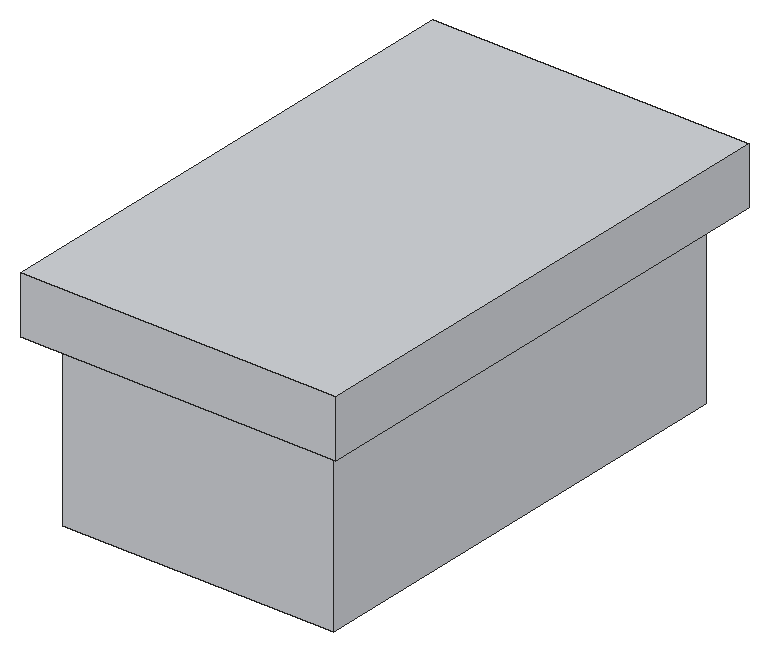
Revit family "Switch", category Lighting Devices, host Face, Revit 2025
Family settings
  Host = Face
  Round Connector Dimension = Use Diameter
  Part Type = Switch
  Cut with Voids When Loaded = No
  Maintain Annotation Orientation = No
  Shared = No
  Room Calculation Point = No
Parameters
  Width = 2 3/4"
  Height = 4 1/2"
  Depth = 1/2"
  Default Elevation = 48"
Reference planes (in)
  plane 1 "Center (Front/Back)": y = 0
  plane 2: z = 0
  plane 3 "Center (Left/Right)": x = 0
  plane 4: z = 0.5
  plane 5: z = -1.5
Forms (in)
  Extrusion 1, solid
    sketch origin (0, 0, 0) x (1, 0, 0) y (0, 1, 0)
      loop
        line (-1.375, 2.25) -> (-1.375, -2.25) -> (1.375, -2.25) -> (1.375, 2.25) -> (-1.375, 2.25)
    from 0 to 0.5
  Extrusion 2, solid
    sketch origin (0, 0, 0) x (1, 0, 0) y (0, 1, 0)
      loop
        line (-1.17984, 2.02921) -> (-1.17984, -2.02921) -> (1.17984, -2.02921) -> (1.17984, 2.02921) -> (-1.17984, 2.02921)
    from 0 to -1.5
Dimensions and locks (in)
  equal spacing: Extrusion 1 sketch curve, plane 3 "Center (Left/Right)", Extrusion 1 sketch curve
  equal spacing: Extrusion 1 sketch curve, plane 1 "Center (Front/Back)", Extrusion 1 sketch curve
  "Width": Extrusion 1 sketch curve to Extrusion 1 sketch curve
  "Height": Extrusion 1 sketch curve to Extrusion 1 sketch curve
  "Depth": plane 4 to plane 2
  equal spacing: Extrusion 2 sketch curve, plane 3 "Center (Left/Right)", Extrusion 2 sketch curve
  equal spacing: Extrusion 2 sketch curve, plane 1 "Center (Front/Back)", Extrusion 2 sketch curve
  aligned and locked: plane 2 to host face
  aligned and locked: level to host face
  aligned and locked: plane 4 to Extrusion 1
  aligned and locked: Extrusion 2 to plane 5
Automatic sketch dimensions
  host sketch curve to host sketch curve = 96"  (x2)
  Extrusion 2 sketch curve to plane 3 "Center (Left/Right)" = 1.17984"
  plane 1 "Center (Front/Back)" to Extrusion 2 sketch curve = 2.02921"
Nested families (in)
  nested 1: "Switch Symbol" at (0, 0, 0), type "Standard"
Definition of nested family "Switch Symbol"
  Reference planes (in)
    plane 1: y = 0
    plane 2: x = 0
  Lines and regions (in)
    detail lines
      curve 1: arc (0, 0.12499, 0) -> (0.03955, 0.0295, 0) -> (-0.05593, 0.06905, 0) r 0.05593
      curve 2: arc (0, 0.12499, 0) -> (-0.03955, 0.22047, 0) -> (0.05593, 0.18092, 0) r 0.05593
      curve 3: line (0, 0.25, 0) -> (0, 0, 0)
  Text (in)
    text "Note:\nChange Family Category to set appropriate\nannotation type.\n\nInsertion point is at intersection of ref planes.\n\nDelete this note before using." at (0.98179, 2.36011, 0)
